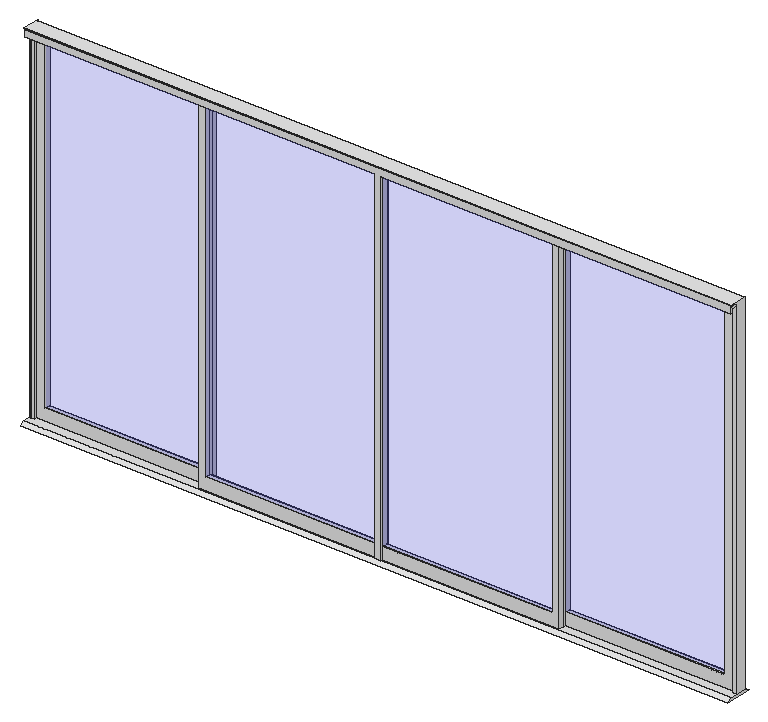
Revit family "Door-Sliding-Kawneer-1010_Mall_Front-XOOX", category Doors, host Wall, Revit 2015
Parameters
  Wall Thickness [instance] = 1' - 5"
  URL = "http://www.kawneer.com/kawneer/en/home.asp"
  Type Comments = "1\" Glazing"
  Threshold Material = Aluminum - Kawneer - Clear
  Threshold Height = 0' - 0 19/32"  # constant formula
  Thickness = 0' - 1 1/2"  # constant formula
  Shim Space = 0' - 0 1/4"
  Product data url = "https://bimobject.com/kawneerna/product/20681"
  Product Page URL = "http://www.kawneer.com/kawneer/north_america/en/bim.asp?prod_id=1846"
  Product Documentation Link = "http://www.kawneer.com/kawneer/north_america/en/product_related_doc.asp?prod_id=1846&doc_id=114"
  Percent Open [instance] = 0
  Panel Width Fixed = if(1 = 1, (Width + 0' 0 3/32") / 4 + (0' 0 3/4" * 1) + (0' 0 7/16" / 2), 1' 0")  # 4' - 0 127/128"
  Panel Width = if(1 = 1, ((Width - 0' 1 3/4") / 4) - 0' 0 1/16" + (0' 1 3/4" * 0.5) - (0' 0 7/16" / 2), 1' 0")  # 4' - 0 5/32"
  Panel Open Percent [instance] = if(Percent Open < 99, ((Panel Width Fixed - 0' 1 3/4") * ((100 - Percent Open) / 100)), 0' 0 7/8" - (0' 0 3/32" / 2))  # 3' - 11 31/128"
  Panel Glazing Material [instance] = Glass - Kawneer - Clear
  Panel Finish [instance] = Aluminum - Kawneer - Clear
  Model = "1010 Sliding Mall Front"
  Manufacturer = "Kawneer"  # constant formula
  Intermediate Rail Height = 2' - 6"
  Height = 8' - 0"
  Has Intermediate Rail [instance] = no
  Glazing Thickness = 0' - 1"
  Function = (empty or 0)
  Frame Jamb Width = 0' - 1"  # constant formula
  Frame Inset [instance] = 0' - 0"
  Frame Head Width = 0' - 1 3/8"  # constant formula
  Frame Finish [instance] = Aluminum - Kawneer - Clear
  Wall Closure = (empty or 0)
  Width = 16' - 0"
  Frame Depth = 0' - 4 17/32"  # constant formula
  Existing [instance] = no
  Description = "Sliding XOOX"
  Copyright © = "2013 Kawneer"  # constant formula
  CTRL Wall Thickness [instance] = if(1 = 1, Wall Thickness, 1' 0")  # 1' - 5"
  CTRL Panel Height = Height - 0' 0 3/4" - Threshold Height  # 7' - 10 21/32"
  CTRL Panel Offset Left [instance] = if(1 = 1, Panel Width Fixed - 0' 1 3/4", 1' 0")  # 3' - 11 31/128"
  CTRL Offset [instance] = if(Frame Inset < 0' 0", Frame Inset - Frame Inset - Frame Inset, 0' 0")  # 0' - 0"
  CTRL Inset [instance] = if(Frame Inset < 0' 0", 0' 0", Frame Inset)  # 0' - 0"
  CTRL Frame Sides Depth [instance] = 0' - 2 15/32"  # constant formula
  Assembly Code = "C1020110"
  Appear In Schedule = 0 = 0  # yes
Types (3): name | Type Comments | Glazing Thickness
  (no name) | "1\" Glazing" | 0' - 1"
  16'x8' - 1/4" Glazing | "1/4\" Glazing" | 0' - 0 1/4"
  16'x8' - 1" Glazing | "1\" Glazing" | 0' - 1"
Reference planes (in)
  plane 1 "Center (Front/Back)": y = 0
  plane 2 "Bottom": z = 0
  plane 3 "Center (Left/Right)": x = 0
  plane 4 "Top": z = 96
  plane 5 "Strike": x = -96
  plane 6 "Hinge": x = 96
  plane 7 "Wall Edge Exterior": y = 8.5
  plane 8 "Wall Edge Interior": y = -8.5
  plane 9 "Frame Inset": y = -2.26562
  plane 10 "Frame Offset": y = 0
  plane 11 "Operating Panel 1 L": x = -47.28906
  plane 12 "Interlock Panel 2 L/R": x = 47.28906
  plane 13 "Fixed Panel Right": x = 95.4375
  plane 14 "Fixed Panel Center": y = -1.03125
  plane 15 "Opening Right": x = 96.25
  plane 16 "Opening Left": x = -96.25
  plane 17 "Frame Right": x = 95
  plane 18 "Frame Left": x = -95
  plane 19 "Frame Head": z = 94.625
  plane 20 "Frame Exterior": y = 2.26563
  plane 21 "Exterior Frame Depth": y = -0.20312
  plane 22 "Interior Frame Depth": y = 0.20313
  plane 23 "Lock Jamb Panel Center": y = -1.03125
  plane 24 "Active Panel Center F/B": y = 1.03125
  plane 25 "Threshold Height": z = 0.59375
  plane 26 "Threshold Exterior": y = 3.51563
  plane 27 "Threshold Interior": y = -3.51562
  plane 28 "Frame Center F/B": y = 0
  plane 29 "Fixed Panel Left": x = -95.4375
  plane 30 "Center Latch Left": x = -0.04688
  plane 31 "Center Latch Right": x = 0.04687
  plane 32 "Fixed Center Mullion R": x = 0.875
  plane 33 "Fixed Center Mullion L": x = -0.875
  plane 34 "Opening Top": z = 96.25
Forms (in)
  Sweep 1, solid, material "Aluminum - Kawneer - Clear" <- "Frame Finish"
    path origin (0, 0, 0) x (1, 0, 0) y (0, 0, 1)
      loop
        line (0, 0.59375) -> (0, 96)
    profile origin (0, 0, 48.29687) x (-1, 0, 0) y (0, -1, 0)
      loop
        line (95, -2.26563) -> (96, -2.26563) -> (96, 0.20312) -> (95, 0.20312) -> (95, -0.17188) -> (95.4375, -0.17188) -> (95.4375, -1.89063) -> (95, -1.89063) -> (95, -2.26563)
      loop
        line (-95, -2.26563) -> (-95, -1.89063) -> (-95.4375, -1.89063) -> (-95.4375, -0.17187) -> (-95, -0.17187) -> (-95, 0.20312) -> (-96, 0.20312) -> (-96, -2.26563) -> (-95, -2.26563)
      loop
        line (0.04688, 0.17187) -> (0.04688, 1.89062) -> (0.875, 1.89062) -> (0.875, 2.26562) -> (-0.875, 2.26562) -> (-0.875, 1.89062) -> (-0.04687, 1.89062) -> (-0.04687, 0.17187) -> (-0.875, 0.17187) -> (-0.875, -0.20313) -> (0.875, -0.20313) -> (0.875, 0.17187) -> (0.04688, 0.17187)
  Sweep 2, solid, material "Aluminum - Kawneer - Clear" <- "Threshold Material"
    path origin (0, 0, 0) x (1, 0, 0) y (0, 0, 1)
      loop
        line (-96.25, 0.59375) -> (96.25, 0.59375)
    profile origin (0, 0, 0.59375) x (0, 0, 1) y (0, -1, 0)
      loop
        line (-0.59375, 3.51562) -> (-0.59375, -3.51563) -> (0, -2.26563) -> (0, 2.26562) -> (-0.59375, 3.51562)
  Sweep 3, solid, material "Aluminum - Kawneer - Clear" <- "Frame Finish"
    path origin (0, 0, 0) x (1, 0, 0) y (0, 0, 1)
      loop
        line (-96, 94.625) -> (96, 94.625)
    profile origin (0, 0, 94.625) x (0, 0, 1) y (0, -1, 0)
      loop
        line (-0.34375, 2.26562) -> (-0.34375, 1.89062) -> (0.625, 1.89062) -> (0.625, 0.20312) -> (0, 0.20312) -> (0, -0.17188) -> (0.625, -0.17188) -> (0.625, -1.89063) -> (0, -1.89063) -> (0, -2.26563) -> (1.375, -2.26563) -> (1.375, 2.26562) -> (-0.34375, 2.26562)
  Sweep 4, solid, material "Silicone - Kawneer - Gray"
    path origin (0, 0, 0) x (-1, 0, 0) y (0, 0, 1)
      loop
        line (96.25, 96) -> (-96.25, 96)
    profile "Shim-Kawneer-Profile-2D : Top" origin (0, 0, 96) x (0, 0, -1) y (0, 1, 0)
      loop
        line (-0.25, -2.25) -> (0, -2.125) -> (0, 2.125) -> (-0.25, 2.25) -> (-0.25, -2.25)
  Sweep 5, solid, material "Silicone - Kawneer - Gray"
    path origin (0, 1.03125, 0) x (-1, 0, 0) y (0, 0, 1)
      loop
        line (-96, 0) -> (-96, 96.25)
    profile "Shim-Kawneer-Profile-2D : Sides" origin (96, 1.03125, 48.125) x (1, 0, 0) y (0, 1, 0)
      loop
        line (0.25, 1.35938) -> (0, 1.23438) -> (0, -1.23437) -> (0.25, -1.35937) -> (0.25, 1.35938)
  Sweep 6, solid, material "Silicone - Kawneer - Gray"
    path origin (0, 1.03125, 0) x (1, 0, 0) y (0, 0, 1)
      loop
        line (-96, 0) -> (-96, 96.25)
    profile "Shim-Kawneer-Profile-2D : Sides" origin (-96, 1.03125, 48.125) x (1, 0, 0) y (0, 1, 0)
      loop
        line (-0.25, 1.35938) -> (-0.25, -1.35937) -> (0, -1.23437) -> (0, 1.23438) -> (-0.25, 1.35938)
Cuts and joins
  joined: Sweep 1, Sweep 3
  joined: Sweep 4, Sweep 5, Sweep 6
Lines and regions (in)
  Opening 1
    outline origin (-60, -8.5, 0) x (1, 0, 0) y (0, 0, 1)
      loop
        line (-36.25, 96.25) -> (-36.25, 0) -> (156.25, 0) -> (156.25, 96.25) -> (-36.25, 96.25)
  Masking region 1, detail levels medium+fine
    outline origin (0, 0, 0.59375) x (-1, 0, 0) y (0, -1, 0)
      loop
        line (-95, -2.26563) -> (-95, -1.89063) -> (-95.4375, -1.89063) -> (-95.4375, -0.17188) -> (-95, -0.17188) -> (-95, 0.20312) -> (-96, 0.20312) -> (-96, -2.26563) -> (-95, -2.26563)
      loop
        line (95, -2.26563) -> (96, -2.26563) -> (96, 0.20312) -> (95, 0.20312) -> (95, -0.17188) -> (95.4375, -0.17188) -> (95.4375, -1.89063) -> (95, -1.89063) -> (95, -2.26563)
      loop
        line (-0.875, -0.20313) -> (0.875, -0.20313) -> (0.875, 0.17187) -> (0.04688, 0.17187) -> (0.04688, 1.89062) -> (0.875, 1.89062) -> (0.875, 2.26562) -> (-0.875, 2.26562) -> (-0.875, 1.89062) -> (-0.04687, 1.89062) -> (-0.04687, 0.17187) -> (-0.875, 0.17187) -> (-0.875, -0.20313)
  Masking region 2, detail levels coarse
    outline origin (-0.8125, -0.08398, 0.59375) x (-1, 0, 0) y (0, -1, 0)
      loop
        line (94.1875, -2.3496) -> (95.1875, -2.3496) -> (95.1875, 0.11915) -> (94.1875, 0.11915) -> (94.1875, -2.3496)
      loop
        line (-95.8125, -2.3496) -> (-95.8125, 0.11915) -> (-96.8125, 0.11915) -> (-96.8125, -2.3496) -> (-95.8125, -2.3496)
      loop
        line (0.0625, -0.2871) -> (0.0625, 2.18165) -> (-1.6875, 2.18165) -> (-1.6875, -0.2871) -> (0.0625, -0.2871)
  Masking region 3
    outline origin (-1.5625, -0.19595, 0.59375) x (-1, 0, 0) y (0, -1, 0)
      loop
        line (94.4375, -2.46158) -> (94.6875, -2.46158) -> (94.6875, 0.00717) -> (94.4375, 0.00717) -> (94.4375, -2.46158)
      loop
        line (-97.5625, -2.46158) -> (-97.5625, 0.00717) -> (-97.8125, 0.00717) -> (-97.8125, -2.46158) -> (-97.5625, -2.46158)
      loop
        line (0.0625, -0.2871) -> (0.0625, 2.18165) -> (-1.6875, 2.18165) -> (-1.6875, -0.2871) -> (0.0625, -0.2871)
Text (in)
  text "EXTERIOR" at (-58.6888, 50.90694, 0), in view "Ref. Level"
  text "INTERIOR" at (-58.6888, -37.76638, 0), in view "Ref. Level"
  text "Exterior" at (0, 43.65631, 123.19604), in view "Left"
  text "Exterior" at (0, 18.29385, 125.04747), in view "Right"
Dimensions and locks (in)
  "Width": plane 5 "Strike" to plane 6 "Hinge"
  locked: plane 7 "Wall Edge Exterior" to host wall at 0
  "Wall Thickness": host wall to host wall
  "CTRL Wall Thickness": plane 7 "Wall Edge Exterior" to plane 8 "Wall Edge Interior"
  equal spacing: host wall, plane 1 "Center (Front/Back)", host wall
  equal spacing: plane 5 "Strike", plane 3 "Center (Left/Right)", plane 6 "Hinge"
  "Height": plane 4 "Top" to plane 2 "Bottom"
  "CTRL Offset": plane 10 "Frame Offset" to plane 1 "Center (Front/Back)"
  "Shim Space": plane 6 "Hinge" to plane 15 "Opening Right"
  "Shim Space": plane 16 "Opening Left" to plane 5 "Strike"
  "Frame Jamb Width": plane 5 "Strike" to plane 18 "Frame Left"
  "Frame Jamb Width": plane 17 "Frame Right" to plane 6 "Hinge"
  "Frame Head Width": plane 4 "Top" to plane 19 "Frame Head"
  "Frame Depth": plane 20 "Frame Exterior" to plane 9 "Frame Inset"
  "CTRL Frame Sides Depth": plane 20 "Frame Exterior" to plane 21 "Exterior Frame Depth"
  "CTRL Frame Sides Depth": plane 22 "Interior Frame Depth" to plane 9 "Frame Inset"
  equal spacing: plane 22 "Interior Frame Depth", plane 14 "Fixed Panel Center", plane 9 "Frame Inset"
  locked: plane 24 "Active Panel Center F/B" to plane 23 "Lock Jamb Panel Center" at 2.0625
  equal spacing: plane 20 "Frame Exterior", plane 24 "Active Panel Center F/B", plane 21 "Exterior Frame Depth"
  "Threshold Height": plane 25 "Threshold Height" to plane 2 "Bottom"
  locked: plane 9 "Frame Inset" to plane 27 "Threshold Interior" at 1.25
  locked: plane 26 "Threshold Exterior" to plane 20 "Frame Exterior" at 1.25
  locked: Sweep 3 sketch curve to plane 4 "Top" at 1.71875
  locked: plane 13 "Fixed Panel Right" to plane 6 "Hinge" at 0.5625
  "CTRL Inset": plane 10 "Frame Offset" to plane 28 "Frame Center F/B"
  "Panel Open Percent": plane 31 "Center Latch Right" to plane 12 "Interlock Panel 2 L/R"
  equal spacing: plane 20 "Frame Exterior", plane 28 "Frame Center F/B", plane 9 "Frame Inset"
  locked: plane 5 "Strike" to plane 29 "Fixed Panel Left" at 0.5625
  locked: Sweep 3 sketch curve to Sweep 3 sketch curve at 0.375
  locked: Sweep 3 sketch curve to plane 4 "Top" at 0.75
  locked: Sweep 3 sketch curve to plane 20 "Frame Exterior" at 0.375
  locked: Sweep 3 sketch curve to Sweep 3 sketch curve at 1.71875
  equal spacing: plane 30 "Center Latch Left", plane 3 "Center (Left/Right)", plane 31 "Center Latch Right", locked at 0.04687 each
  locked: plane 33 "Fixed Center Mullion L" to plane 3 "Center (Left/Right)" at 0.875
  locked: plane 3 "Center (Left/Right)" to plane 32 "Fixed Center Mullion R" at 0.875
  locked: plane 20 "Frame Exterior" to Masking region 1 sketch curve at 0.375  (x2)
  locked: Masking region 1 sketch curve to plane 21 "Exterior Frame Depth" at 0.375  (x2)
  locked: Masking region 1 sketch curve to plane 9 "Frame Inset" at 0.375
  locked: plane 22 "Interior Frame Depth" to Masking region 1 sketch curve at 0.375
  locked: plane 30 "Center Latch Left" to plane 31 "Center Latch Right" at 0.09375
  "Panel Open Percent": plane 11 "Operating Panel 1 L" to plane 30 "Center Latch Left"
  locked: Sweep 1 sketch curve to plane 21 "Exterior Frame Depth" at 0.375  (x2)
  locked: plane 20 "Frame Exterior" to Sweep 1 sketch curve at 0.375  (x2)
  locked: plane 22 "Interior Frame Depth" to Sweep 1 sketch curve at 0.375
  locked: Sweep 1 sketch curve to plane 9 "Frame Inset" at 0.375
  "Shim Space": plane 34 "Opening Top" to plane 4 "Top"
  aligned and locked: level to plane 2 "Bottom"
  aligned and locked: Opening 1 sketch curve to plane 16 "Opening Left"
  aligned and locked: Opening 1 sketch curve to plane 15 "Opening Right"
  aligned and locked: Opening 1 sketch curve to plane 2 "Bottom"
  aligned and locked: plane 3 "Center (Left/Right)" to Sweep 1 sketch curve
  aligned and locked: plane 25 "Threshold Height" to Sweep 1 sketch curve
  aligned and locked: Sweep 2 sketch curve to plane 25 "Threshold Height"  (x2)
  aligned and locked: plane 2 "Bottom" to Sweep 2 sketch curve
  aligned and locked: plane 26 "Threshold Exterior" to Sweep 2 sketch curve
  aligned and locked: plane 20 "Frame Exterior" to Sweep 2 sketch curve
  aligned and locked: plane 27 "Threshold Interior" to Sweep 2 sketch curve
  aligned and locked: plane 9 "Frame Inset" to Sweep 2 sketch curve
  aligned and locked: plane 6 "Hinge" to Sweep 3 sketch curve
  aligned and locked: plane 5 "Strike" to Sweep 3 sketch curve
  aligned and locked: Sweep 3 sketch curve to plane 19 "Frame Head"
  aligned and locked: plane 4 "Top" to Sweep 3 sketch curve
  aligned and locked: plane 9 "Frame Inset" to Sweep 3 sketch curve
  aligned and locked: Sweep 3 sketch curve to plane 20 "Frame Exterior"
  aligned and locked: plane 19 "Frame Head" to Sweep 3 sketch curve  (x2)
  aligned and locked: plane 4 "Top" to Sweep 1 sketch curve
  aligned and locked: plane 5 "Strike" to Masking region 1 sketch curve
  aligned and locked: Masking region 1 sketch curve to plane 18 "Frame Left"  (x2)
  aligned and locked: plane 17 "Frame Right" to Masking region 1 sketch curve  (x2)
  aligned and locked: Masking region 2 sketch curve to plane 18 "Frame Left"
  aligned and locked: plane 5 "Strike" to Masking region 2 sketch curve
  aligned and locked: Masking region 2 sketch curve to plane 6 "Hinge"
  aligned and locked: plane 17 "Frame Right" to Masking region 2 sketch curve
  aligned and locked: Masking region 1 sketch curve to plane 6 "Hinge"
  aligned and locked: Masking region 1 sketch curve to plane 13 "Fixed Panel Right"
  aligned and locked: Sweep 3 sketch curve to Sweep 3 sketch curve
  aligned and locked: plane 29 "Fixed Panel Left" to Masking region 1 sketch curve
  aligned and locked: Sweep 1 sketch curve to plane 6 "Hinge"
  aligned and locked: Sweep 1 sketch curve to plane 13 "Fixed Panel Right"
  aligned and locked: plane 17 "Frame Right" to Sweep 1 sketch curve  (x2)
  aligned and locked: plane 5 "Strike" to Sweep 1 sketch curve
  aligned and locked: Sweep 1 sketch curve to plane 18 "Frame Left"  (x2)
  aligned and locked: plane 29 "Fixed Panel Left" to Sweep 1 sketch curve
  aligned and locked: nested 3 to plane 23 "Lock Jamb Panel Center"
  aligned and locked: nested 4 to plane 24 "Active Panel Center F/B"
  aligned and locked: nested 1 to plane 24 "Active Panel Center F/B"
  aligned and locked: nested 2 to plane 23 "Lock Jamb Panel Center"
  aligned and locked: Masking region 1 sketch curve to plane 20 "Frame Exterior"
  aligned and locked: plane 21 "Exterior Frame Depth" to Masking region 1 sketch curve
  aligned and locked: plane 20 "Frame Exterior" to Masking region 1 sketch curve
  aligned and locked: Masking region 1 sketch curve to plane 21 "Exterior Frame Depth"
  aligned and locked: Masking region 1 sketch curve to plane 30 "Center Latch Left"
  aligned and locked: Masking region 1 sketch curve to plane 31 "Center Latch Right"
  aligned and locked: Masking region 1 sketch curve to plane 9 "Frame Inset"
  aligned and locked: Masking region 1 sketch curve to plane 32 "Fixed Center Mullion R"
  aligned and locked: Masking region 1 sketch curve to plane 33 "Fixed Center Mullion L"  (x2)
  aligned and locked: Masking region 1 sketch curve to Masking region 1 sketch curve  (x2)
  aligned and locked: plane 31 "Center Latch Right" to nested 2
  aligned and locked: nested 3 to plane 30 "Center Latch Left"
  aligned and locked: plane 12 "Interlock Panel 2 L/R" to nested 1
  aligned and locked: nested 4 to plane 11 "Operating Panel 1 L"
  aligned and locked: plane 20 "Frame Exterior" to Masking region 2 sketch curve
  aligned and locked: Masking region 2 sketch curve to plane 21 "Exterior Frame Depth"
  aligned and locked: Masking region 2 sketch curve to plane 20 "Frame Exterior"
  aligned and locked: plane 21 "Exterior Frame Depth" to Masking region 2 sketch curve
  aligned and locked: plane 9 "Frame Inset" to Masking region 2 sketch curve
  aligned and locked: Masking region 2 sketch curve to plane 22 "Interior Frame Depth"
  aligned and locked: plane 32 "Fixed Center Mullion R" to Masking region 2 sketch curve
  aligned and locked: Masking region 2 sketch curve to plane 33 "Fixed Center Mullion L"
  aligned and locked: plane 20 "Frame Exterior" to Sweep 1 sketch curve
  aligned and locked: Sweep 1 sketch curve to plane 21 "Exterior Frame Depth"
  aligned and locked: Sweep 1 sketch curve to plane 20 "Frame Exterior"
  aligned and locked: plane 21 "Exterior Frame Depth" to Sweep 1 sketch curve
  aligned and locked: plane 22 "Interior Frame Depth" to Sweep 1 sketch curve
  aligned and locked: Sweep 1 sketch curve to plane 32 "Fixed Center Mullion R"  (x2)
  aligned and locked: plane 33 "Fixed Center Mullion L" to Sweep 1 sketch curve  (x2)
  aligned and locked: Sweep 1 sketch curve to plane 9 "Frame Inset"
  aligned and locked: plane 30 "Center Latch Left" to Sweep 1 sketch curve
  aligned and locked: Sweep 1 sketch curve to plane 31 "Center Latch Right"
  aligned and locked: Sweep 1 sketch curve to Sweep 1 sketch curve  (x2)
  aligned and locked: Opening 1 sketch curve to plane 34 "Opening Top"
  aligned and locked: plane 15 "Opening Right" to Sweep 4 sketch curve
  aligned and locked: plane 16 "Opening Left" to Sweep 4 sketch curve
  aligned and locked: Sweep 4 sketch curve to plane 4 "Top"
  aligned and locked: plane 6 "Hinge" to Sweep 5 sketch curve
  aligned and locked: Sweep 5 sketch curve to plane 34 "Opening Top"
  aligned and locked: Sweep 5 sketch curve to plane 2 "Bottom"
  aligned and locked: plane 34 "Opening Top" to Sweep 6 sketch curve
  aligned and locked: plane 2 "Bottom" to Sweep 6 sketch curve
  aligned and locked: Sweep 6 sketch curve to plane 5 "Strike"
  aligned and locked: plane 20 "Frame Exterior" to Masking region 3 sketch curve
  aligned and locked: Masking region 3 sketch curve to plane 21 "Exterior Frame Depth"
  aligned and locked: Masking region 3 sketch curve to plane 5 "Strike"
  aligned and locked: plane 16 "Opening Left" to Masking region 3 sketch curve
  aligned and locked: plane 21 "Exterior Frame Depth" to Masking region 3 sketch curve
  aligned and locked: Masking region 3 sketch curve to plane 20 "Frame Exterior"
  aligned and locked: Masking region 3 sketch curve to plane 15 "Opening Right"
  aligned and locked: plane 6 "Hinge" to Masking region 3 sketch curve
  aligned and locked: plane 15 "Opening Right" to Sweep 2 sketch curve
  aligned and locked: plane 16 "Opening Left" to Sweep 2 sketch curve
Automatic sketch dimensions
  Sweep 3 sketch curve to Sweep 3 sketch curve = 0' - 0 3/8"
  Masking region 1 sketch curve to plane 13 "Fixed Panel Right" = 0' - 0"
  Masking region 1 sketch curve to plane 32 "Fixed Center Mullion R" = 0' - 0"
  Masking region 1 sketch curve to plane 22 "Interior Frame Depth" = 0' - 0"
  Masking region 3 sketch curve to plane 31 "Center Latch Right" = 0' - 0 5/64"
  Masking region 3 sketch curve to plane 9 "Frame Inset" = 0' - 0.11197"
  plane 33 "Fixed Center Mullion L" to Masking region 3 sketch curve = 0' - 0 3/4"
  plane 28 "Frame Center F/B" to Masking region 3 sketch curve = 0' - 0.09115"
Nested families (in)
  nested 1: "Panel-Sliding-Kawneer-1010" at (71.36719, 1.03125, 0.59375), built-in parameter 1001364 <- "Threshold Height", Height <- "CTRL Panel Height", Width <- "Panel Width", Has Intermediate Rail <- "Has Intermediate Rail", Panel Material <- "Panel Finish", Glazing Material <- "Panel Glazing Material", Thickness <- "Thickness", Rail Intermediate Height <- "Intermediate Rail Height", Glazing Thickness <- "Glazing Thickness", type "L-F Interlock - Lock Jamb"
    with Width 4' - 0 5/32", Thickness 0' - 1 1/2", Rail Intermediate Height 2' - 6", Panel Material Aluminum - Kawneer - Clear, Opens Right no, Opens Left yes, Height 7' - 10 21/32", Has Intermediate Rail no, Glazing Thickness 0' - 1", Glazing Material Glass - Kawneer - Clear, CTRL Rail Intermediate Height 2' - 6", CTRL Rail Intermediate 0' - 0", CTRL Open Arrow yes, Stile Right 0' - 2 29/32", Rail Head 0' - 1 1/8", Rail Bottom 0' - 3 1/4", Has Interlock Front Left yes
  nested 2: "Panel-Sliding-Kawneer-1010" at (24.54297, -1.03125, 0.59375), built-in parameter 1001364 <- "Threshold Height", Height <- "CTRL Panel Height", Width <- "Panel Width Fixed", Has Intermediate Rail <- "Has Intermediate Rail", Panel Material <- "Panel Finish", Glazing Material <- "Panel Glazing Material", Thickness <- "Thickness", Rail Intermediate Height <- "Intermediate Rail Height", Glazing Thickness <- "Glazing Thickness", type "7/8" Lock Jamb - R-B Interlock"
    with Width 4' - 0 127/128", Thickness 0' - 1 1/2", Rail Intermediate Height 2' - 6", Panel Material Aluminum - Kawneer - Clear, Opens Right no, Opens Left no, Height 7' - 10 21/32", Has Intermediate Rail no, Glazing Thickness 0' - 1", Glazing Material Glass - Kawneer - Clear, CTRL Rail Intermediate Height 2' - 6", CTRL Rail Intermediate 0' - 0", CTRL Open Arrow no, Stile Left 0' - 0 7/8", Rail Head 0' - 1 1/8", Rail Bottom 0' - 3 1/4", Has Interlock Back Right yes
  nested 3: "Panel-Sliding-Kawneer-1010" at (-24.54297, -1.03125, 0.59375), built-in parameter 1001364 <- "Threshold Height", Height <- "CTRL Panel Height", Width <- "Panel Width Fixed", Has Intermediate Rail <- "Has Intermediate Rail", Panel Material <- "Panel Finish", Glazing Material <- "Panel Glazing Material", Thickness <- "Thickness", Rail Intermediate Height <- "Intermediate Rail Height", Glazing Thickness <- "Glazing Thickness", type "L-B Interlock - 7/8" Lock Jamb"
    with Width 4' - 0 127/128", Thickness 0' - 1 1/2", Rail Intermediate Height 2' - 6", Panel Material Aluminum - Kawneer - Clear, Opens Right no, Opens Left no, Height 7' - 10 21/32", Has Intermediate Rail no, Glazing Thickness 0' - 1", Glazing Material Glass - Kawneer - Clear, CTRL Rail Intermediate Height 2' - 6", CTRL Rail Intermediate 0' - 0", CTRL Open Arrow no, Stile Right 0' - 0 7/8", Rail Head 0' - 1 1/8", Rail Bottom 0' - 3 1/4", Has Interlock Back Left yes
  nested 4: "Panel-Sliding-Kawneer-1010" at (-71.36719, 1.03125, 0.59375), built-in parameter 1001364 <- "Threshold Height", Height <- "CTRL Panel Height", Width <- "Panel Width", Has Intermediate Rail <- "Has Intermediate Rail", Panel Material <- "Panel Finish", Glazing Material <- "Panel Glazing Material", Thickness <- "Thickness", Rail Intermediate Height <- "Intermediate Rail Height", Glazing Thickness <- "Glazing Thickness", type "Lock Jamb - R-F Interlock"
    with Width 4' - 0 5/32", Thickness 0' - 1 1/2", Rail Intermediate Height 2' - 6", Panel Material Aluminum - Kawneer - Clear, Opens Right yes, Opens Left no, Height 7' - 10 21/32", Has Intermediate Rail no, Glazing Thickness 0' - 1", Glazing Material Glass - Kawneer - Clear, CTRL Rail Intermediate Height 2' - 6", CTRL Rail Intermediate 0' - 0", CTRL Open Arrow yes, Stile Left 0' - 2 29/32", Rail Head 0' - 1 1/8", Rail Bottom 0' - 3 1/4", Has Interlock Front Right yes
Definition of nested family "Panel-Sliding-Kawneer-1010"
  Parameters
    Width [instance] = 3' - 0"
    Thickness [instance] = 0' - 1 1/2"
    Stile Right = 0' - 1 3/4"
    Stile Left = 0' - 1 3/4"
    Rail Intermediate Height [instance] = 2' - 6"
    Rail Intermediate = 0' - 1 3/4"
    Rail Head = 0' - 3"
    Rail Bottom = 0' - 7"
    Panel Material [instance] = none
    Opens Right [instance] = no
    Opens Left [instance] = no
    Manufacturer = "Kawneer"  # constant formula
    Height [instance] = 7' - 0"
    Has Intermediate Rail [instance] = no
    Has Interlock Front Right = no
    Has Interlock Front Left = no
    Has Interlock Back Right = no
    Has Interlock Back Left = no
    Glazing Thickness [instance] = 0' - 0 1/4"
    Glazing Material [instance] = none
    Description = "Storefront Mall Sliding 1010 Panel"  # constant formula
    CTRL Rail Intermediate Height [instance] = if(Height < Rail Intermediate Height, Height / 2, Rail Intermediate Height)  # 2' - 6"
    CTRL Rail Intermediate [instance] = if(Has Intermediate Rail, Rail Intermediate, 0' 0")  # 0' - 0"
    CTRL Open Arrow [instance] = or(Opens Right, Opens Left)  # no
  Reference planes (in)
    plane 1 "Center (Front/Back)": y = 0
    plane 2 "Original Bottom": z = 0
    plane 3 "Center (Left/Right)": x = 0
    plane 4 "Back": y = 0.75
    plane 5 "Front": y = -0.75
    plane 6 "Left": x = -18
    plane 7 "Right": x = 18
    plane 8: z = 84
    plane 9 "Left Stile R": x = -16.25
    plane 10 "Right Stile L": x = 16.25
    plane 11 "Head Rail B": z = 81
    plane 12 "Bottom Rail T": z = 7
    plane 13 "Glazing Back": y = 0.125
    plane 14 "Glazing Front": y = -0.125
    plane 15 "Interlock Front": y = -1.25
    plane 16 "Interlock Back": y = 1.25
    plane 17 "Right Interlock Center": x = 17.125
    plane 18 "Left Interlock Center": x = -17.125
    plane 19 "Intermediate Top": z = 31.75
    plane 20 "Intermediate Glass Top": z = 31.75
    plane 21 "Intermediate Bottom": z = 30
    plane 22 "Center Elevation": z = 42
  Forms (in)
    Sweep 1, solid, material <- "Panel Material"
      path origin (0, 0, 0) x (1, 0, 0) y (0, 1, 0)
        loop
          line (0, -0.75) -> (0, 0.75)
      profile origin (0, 0, 0) x (-1, 0, 0) y (0, 0, 1)
        loop
          line (18, 84) -> (-18, 84) -> (-18, 0) -> (18, 0) -> (18, 84)
        loop
          line (16.25, 81) -> (-16.25, 81) -> (-16.25, 7) -> (16.25, 7) -> (16.25, 81)
    Extrusion 2, solid, material <- "Glazing Material"
      sketch origin (0, 0, 0) x (1, 0, 0) y (0, 0, 1)
        loop
          line (-16.25, 81) -> (-16.25, 31.75) -> (16.25, 31.75) -> (16.25, 81) -> (-16.25, 81)
      from -0.125 to 0.125
    Sweep 3, solid, material <- "Panel Material", visible <- "Has Interlock Back Right", detail levels medium+fine
      path origin (0, 0.75, 0) x (-1, 0, 0) y (0, 0, 1)
        loop
          line (-17.125, 0) -> (-17.125, 84)
      profile origin (17.125, 0.75, 42) x (1, 0, 0) y (0, 1, 0)
        loop
          line (0, 0.5) -> (0, 0) -> (0.875, 0) -> (0.875, 0.5) -> (0, 0.5)
    Sweep 4, solid, material <- "Panel Material", visible <- "Has Interlock Back Left", detail levels medium+fine
      path origin (0, 0.75, 0) x (1, 0, 0) y (0, 0, 1)
        loop
          line (-17.125, 0) -> (-17.125, 84)
      profile origin (-17.125, 0.75, 42) x (1, 0, 0) y (0, 1, 0)
        loop
          line (0, 0.5) -> (-0.875, 0.5) -> (-0.875, 0) -> (0, 0) -> (0, 0.5)
    Sweep 5, solid, material <- "Panel Material", visible <- "Has Interlock Front Left", detail levels medium+fine
      path origin (0, -0.75, 0) x (-1, 0, 0) y (0, 0, 1)
        loop
          line (17.125, 0) -> (17.125, 84)
      profile origin (-17.125, -0.75, 42) x (1, 0, 0) y (0, 1, 0)
        loop
          line (-0.875, 0) -> (-0.875, -0.5) -> (0, -0.5) -> (0, 0) -> (-0.875, 0)
    Sweep 6, solid, material <- "Panel Material", visible <- "Has Interlock Front Right", detail levels medium+fine
      path origin (0, -0.75, 0) x (1, 0, 0) y (0, 0, 1)
        loop
          line (17.125, 0) -> (17.125, 84)
      profile origin (17.125, -0.75, 42) x (1, 0, 0) y (0, 1, 0)
        loop
          line (0.875, 0) -> (0, 0) -> (0, -0.5) -> (0.875, -0.5) -> (0.875, 0)
    Extrusion 7, solid, material <- "Glazing Material"
      sketch origin (-1, 0, -39) x (1, 0, 0) y (0, 0, 1)
        loop
          line (-15.25, 70.75) -> (-15.25, 46) -> (17.25, 46) -> (17.25, 70.75) -> (-15.25, 70.75)
      from -0.125 to 0.125
    Sweep 8, solid, material <- "Panel Material", visible <- "Has Intermediate Rail"
      path origin (0, 0, 0) x (1, 0, 0) y (0, 0, 1)
        loop
          line (-16.25, 31.75) -> (16.25, 31.75)
      profile origin (0, 0, 31.75) x (0, 0, 1) y (0, -1, 0)
        loop
          line (0, 0.75) -> (-1.75, 0.75) -> (-1.75, -0.75) -> (0, -0.75) -> (0, 0.75)
  Cuts and joins
    joined: Extrusion 2, Extrusion 7
  Lines and regions (in)
    Masking region 1
      outline origin (0, 0, 7) x (-1, 0, 0) y (0, -1, 0)
        loop
          line (18, -0.75) -> (18, 0.75) -> (16.25, 0.75) -> (16.25, -0.75) -> (18, -0.75)
        loop
          line (-16.25, -0.75) -> (-16.25, 0.75) -> (-18, 0.75) -> (-18, -0.75) -> (-16.25, -0.75)
    Masking region 2
      outline origin (0, 0, 7) x (-1, 0, 0) y (0, -1, 0)
        loop
          line (16.25, -0.75) -> (16.25, 0.75) -> (-16.25, 0.75) -> (-16.25, -0.75) -> (16.25, -0.75)
    Masking region 3, detail levels fine
      outline origin (0, 0, 7) x (-1, 0, 0) y (0, -1, 0)
        loop
          line (16.25, -0.125) -> (16.25, 0.125) -> (-16.25, 0.125) -> (-16.25, -0.125) -> (16.25, -0.125)
    Masking region 4, visible <- "Has Interlock Back Left", detail levels medium+fine
      outline origin (0, 0, 7) x (-1, 0, 0) y (0, -1, 0)
        loop
          line (18, -1.25) -> (18, -0.75) -> (17.125, -0.75) -> (17.125, -1.25) -> (18, -1.25)
    Masking region 5, visible <- "Has Interlock Back Right", detail levels medium+fine
      outline origin (0, 0, 7) x (0, -1, 0) y (1, 0, 0)
        loop
          line (-1.25, 18) -> (-1.25, 17.125) -> (-0.75, 17.125) -> (-0.75, 18) -> (-1.25, 18)
    Masking region 6, visible <- "Has Interlock Front Right", detail levels medium+fine
      outline origin (0, 0, 7) x (1, 0, 0) y (0, 1, 0)
        loop
          line (18, -1.25) -> (18, -0.75) -> (17.125, -0.75) -> (17.125, -1.25) -> (18, -1.25)
    Masking region 7, visible <- "Has Interlock Front Left", detail levels medium+fine
      outline origin (0, 0, 7) x (0, 1, 0) y (-1, 0, 0)
        loop
          line (-1.25, 18) -> (-1.25, 17.125) -> (-0.75, 17.125) -> (-0.75, 18) -> (-1.25, 18)
    symbolic lines, detail levels coarse+medium
      curve 1: line (-16.25, 0, 7) -> (16.25, 0, 7)
    model lines, visible <- "CTRL Open Arrow", detail levels medium+fine
      curve 2: line (-4, -0.125, 42) -> (4, -0.125, 42)
      curve 7: line (-4, 0.125, 42) -> (4, 0.125, 42)
    model lines, visible <- "Opens Right", detail levels medium+fine
      curve 3: line (2.58579, -0.125, 43.41421) -> (4, -0.125, 42)
      curve 4: line (2.58579, -0.125, 40.58579) -> (4, -0.125, 42)
      curve 8: line (2.58579, 0.125, 43.41421) -> (4, 0.125, 42)
      curve 9: line (2.58579, 0.125, 40.58579) -> (4, 0.125, 42)
    model lines, visible <- "Opens Left", detail levels medium+fine
      curve 5: line (-2.58579, -0.125, 43.41421) -> (-4, -0.125, 42)
      curve 6: line (-2.58579, -0.125, 40.58579) -> (-4, -0.125, 42)
      curve 10: line (-2.58579, 0.125, 43.41421) -> (-4, 0.125, 42)
      curve 11: line (-2.58579, 0.125, 40.58579) -> (-4, 0.125, 42)
  Dimensions and locks (in)
    "Thickness": plane 4 "Back" to plane 5 "Front"
    equal spacing: plane 4 "Back", plane 1 "Center (Front/Back)", plane 5 "Front"
    "Height": plane 8 to plane 2 "Original Bottom"
    equal spacing: plane 6 "Left", plane 3 "Center (Left/Right)", plane 7 "Right"
    "Width": plane 6 "Left" to plane 7 "Right"
    "Stile Left": plane 6 "Left" to plane 9 "Left Stile R"
    "Stile Right": plane 10 "Right Stile L" to plane 7 "Right"
    "Rail Bottom": plane 12 "Bottom Rail T" to plane 2 "Original Bottom"
    "Rail Head": plane 8 to plane 11 "Head Rail B"
    equal spacing: plane 13 "Glazing Back", plane 1 "Center (Front/Back)", plane 14 "Glazing Front"
    "Glazing Thickness": plane 13 "Glazing Back" to plane 14 "Glazing Front"
    locked: plane 5 "Front" to plane 15 "Interlock Front" at 0.5
    locked: plane 16 "Interlock Back" to plane 4 "Back" at 0.5
    equal spacing: plane 7 "Right", plane 17 "Right Interlock Center", plane 10 "Right Stile L"
    equal spacing: plane 6 "Left", plane 18 "Left Interlock Center", plane 9 "Left Stile R"
    "CTRL Rail Intermediate": plane 19 "Intermediate Top" to plane 20 "Intermediate Glass Top"
    "Rail Intermediate": plane 19 "Intermediate Top" to plane 21 "Intermediate Bottom"
    "CTRL Rail Intermediate Height": plane 21 "Intermediate Bottom" to plane 2 "Original Bottom"
    equal spacing: plane 8, plane 22 "Center Elevation", plane 2 "Original Bottom"
    equal spacing: curve 2, plane 3 "Center (Left/Right)", curve 2, locked at 4 each
    curve 3 to curve 3 = 0' - 1.41421"
    equal spacing: curve 3, plane 22 "Center Elevation", curve 4, locked at 1.41421 each
    curve 5 to plane 22 "Center Elevation" to curve 6 = 0' - 1.41421" locked, 0' - 1.41421" locked
    curve 7 to curve 7 = 0' - 8"
    equal spacing: curve 7, plane 3 "Center (Left/Right)", curve 7, locked at 4 each
    equal spacing: curve 8, plane 22 "Center Elevation", curve 9, locked at 1.41421 each
    equal spacing: curve 10, plane 22 "Center Elevation", curve 11, locked at 1.41421 each
    aligned and locked: plane 2 "Original Bottom" to level
    aligned and locked: plane 4 "Back" to Sweep 1 sketch curve
    aligned and locked: plane 5 "Front" to Sweep 1 sketch curve
    aligned and locked: plane 3 "Center (Left/Right)" to Sweep 1 sketch curve
    aligned and locked: plane 2 "Original Bottom" to Sweep 1 sketch curve
    aligned and locked: Sweep 1 sketch curve to plane 7 "Right"
    aligned and locked: Sweep 1 sketch curve to plane 8
    aligned and locked: Sweep 1 sketch curve to plane 6 "Left"
    aligned and locked: Sweep 1 sketch curve to plane 11 "Head Rail B"
    aligned and locked: Sweep 1 sketch curve to plane 9 "Left Stile R"
    aligned and locked: plane 12 "Bottom Rail T" to Sweep 1 sketch curve
    aligned and locked: plane 10 "Right Stile L" to Sweep 1 sketch curve
    aligned and locked: plane 10 "Right Stile L" to Extrusion 2 sketch curve
    aligned and locked: Extrusion 2 sketch curve to plane 9 "Left Stile R"
    aligned and locked: Extrusion 2 sketch curve to plane 11 "Head Rail B"
    aligned and locked: plane 13 "Glazing Back" to Extrusion 2
    aligned and locked: Extrusion 2 to plane 14 "Glazing Front"
    aligned and locked: plane 8 to Sweep 3 sketch curve
    aligned and locked: plane 2 "Original Bottom" to Sweep 3 sketch curve
    aligned and locked: plane 17 "Right Interlock Center" to Sweep 3 sketch curve  (x2)
    aligned and locked: Sweep 3 sketch curve to plane 7 "Right"
    aligned and locked: profile plane to Sweep 3 sketch curve
    aligned and locked: Sweep 3 sketch curve to plane 16 "Interlock Back"
    aligned and locked: plane 8 to Sweep 4 sketch curve
    aligned and locked: Sweep 4 sketch curve to plane 18 "Left Interlock Center"  (x2)
    aligned and locked: plane 2 "Original Bottom" to Sweep 4 sketch curve
    aligned and locked: plane 16 "Interlock Back" to Sweep 4 sketch curve
    aligned and locked: plane 6 "Left" to Sweep 4 sketch curve
    aligned and locked: Sweep 4 sketch curve to plane 4 "Back"
    aligned and locked: Sweep 5 sketch curve to plane 6 "Left"
    aligned and locked: plane 15 "Interlock Front" to Sweep 5 sketch curve
    aligned and locked: Sweep 5 sketch curve to plane 5 "Front"
    aligned and locked: plane 18 "Left Interlock Center" to Sweep 5 sketch curve
    aligned and locked: Sweep 5 sketch curve to plane 18 "Left Interlock Center"
    aligned and locked: plane 8 to Sweep 5 sketch curve
    aligned and locked: plane 2 "Original Bottom" to Sweep 5 sketch curve
    aligned and locked: plane 7 "Right" to Sweep 6 sketch curve
    aligned and locked: Sweep 6 sketch curve to plane 15 "Interlock Front"
    aligned and locked: plane 5 "Front" to Sweep 6 sketch curve
    aligned and locked: Sweep 6 sketch curve to plane 17 "Right Interlock Center"
    aligned and locked: plane 2 "Original Bottom" to Sweep 6 sketch curve
    aligned and locked: plane 8 to Sweep 6 sketch curve
    aligned and locked: plane 17 "Right Interlock Center" to Sweep 6 sketch curve
    aligned and locked: plane 19 "Intermediate Top" to Extrusion 2 sketch curve
    aligned and locked: Extrusion 7 sketch curve to plane 20 "Intermediate Glass Top"
    aligned and locked: plane 12 "Bottom Rail T" to Extrusion 7 sketch curve
    aligned and locked: plane 10 "Right Stile L" to Extrusion 7 sketch curve
    aligned and locked: Extrusion 7 sketch curve to plane 9 "Left Stile R"
    aligned and locked: plane 9 "Left Stile R" to Sweep 8 sketch curve
    aligned and locked: plane 10 "Right Stile L" to Sweep 8 sketch curve
    aligned and locked: Sweep 8 sketch curve to plane 19 "Intermediate Top"  (x2)
    aligned and locked: plane 21 "Intermediate Bottom" to Sweep 8 sketch curve
    aligned and locked: Sweep 8 sketch curve to plane 4 "Back"
    aligned and locked: plane 5 "Front" to Sweep 8 sketch curve
    aligned and locked: Masking region 1 sketch curve to plane 7 "Right"
    aligned and locked: Masking region 1 sketch curve to plane 10 "Right Stile L"
    aligned and locked: Masking region 1 sketch curve to plane 4 "Back"  (x2)
    aligned and locked: plane 5 "Front" to Masking region 1 sketch curve  (x2)
    aligned and locked: plane 9 "Left Stile R" to Masking region 1 sketch curve
    aligned and locked: Masking region 1 sketch curve to plane 6 "Left"
    aligned and locked: Masking region 2 sketch curve to plane 4 "Back"
    aligned and locked: plane 5 "Front" to Masking region 2 sketch curve
    aligned and locked: Masking region 2 sketch curve to plane 9 "Left Stile R"
    aligned and locked: plane 10 "Right Stile L" to Masking region 2 sketch curve
    aligned and locked: Masking region 3 sketch curve to plane 13 "Glazing Back"
    aligned and locked: Masking region 3 sketch curve to plane 9 "Left Stile R"
    aligned and locked: plane 10 "Right Stile L" to Masking region 3 sketch curve
    aligned and locked: plane 14 "Glazing Front" to Masking region 3 sketch curve
    aligned and locked: plane 9 "Left Stile R" to curve 1
    aligned and locked: plane 10 "Right Stile L" to curve 1
    aligned and locked: plane 1 "Center (Front/Back)" to curve 1
    aligned and locked: Masking region 4 sketch curve to plane 6 "Left"
    aligned and locked: plane 4 "Back" to Masking region 4 sketch curve
    aligned and locked: plane 18 "Left Interlock Center" to Masking region 4 sketch curve
    aligned and locked: Masking region 4 sketch curve to plane 16 "Interlock Back"
    aligned and locked: plane 7 "Right" to Masking region 5 sketch curve
    aligned and locked: plane 16 "Interlock Back" to Masking region 5 sketch curve
    aligned and locked: Masking region 5 sketch curve to plane 4 "Back"
    aligned and locked: Masking region 5 sketch curve to plane 17 "Right Interlock Center"
    aligned and locked: plane 15 "Interlock Front" to Masking region 6 sketch curve
    aligned and locked: plane 17 "Right Interlock Center" to Masking region 6 sketch curve
    aligned and locked: Masking region 6 sketch curve to plane 7 "Right"
    aligned and locked: Masking region 6 sketch curve to plane 5 "Front"
    aligned and locked: plane 13 "Glazing Back" to cut or joined group of Extrusion 2, Extrusion 7
    aligned and locked: cut or joined group of Extrusion 2, Extrusion 7 to plane 14 "Glazing Front"
    aligned and locked: plane 6 "Left" to Masking region 7 sketch curve
    aligned and locked: Masking region 7 sketch curve to plane 15 "Interlock Front"
    aligned and locked: Masking region 7 sketch curve to plane 18 "Left Interlock Center"
    aligned and locked: plane 5 "Front" to Masking region 7 sketch curve
    aligned and locked: plane 22 "Center Elevation" to curve 3
    aligned and locked: curve 7 to plane 22 "Center Elevation"
    aligned and locked: plane 22 "Center Elevation" to curve 9
  Automatic sketch dimensions
    plane 3 "Center (Left/Right)" to curve 2 = 0' - 4"
    curve 4 to plane 22 "Center Elevation" = 0' - 1.41421"
    curve 5 to curve 2 = 0' - 1.41421"
    curve 2 to curve 3 = 0' - 1.41421"
    plane 3 "Center (Left/Right)" to curve 7 = 0' - 4"
    plane 22 "Center Elevation" to curve 8 = 0' - 1.41421"
    curve 7 to curve 8 = 0' - 1.41421"
    curve 11 to curve 7 = 0' - 1.41421"
    curve 11 to plane 22 "Center Elevation" = 0' - 1.41421"
